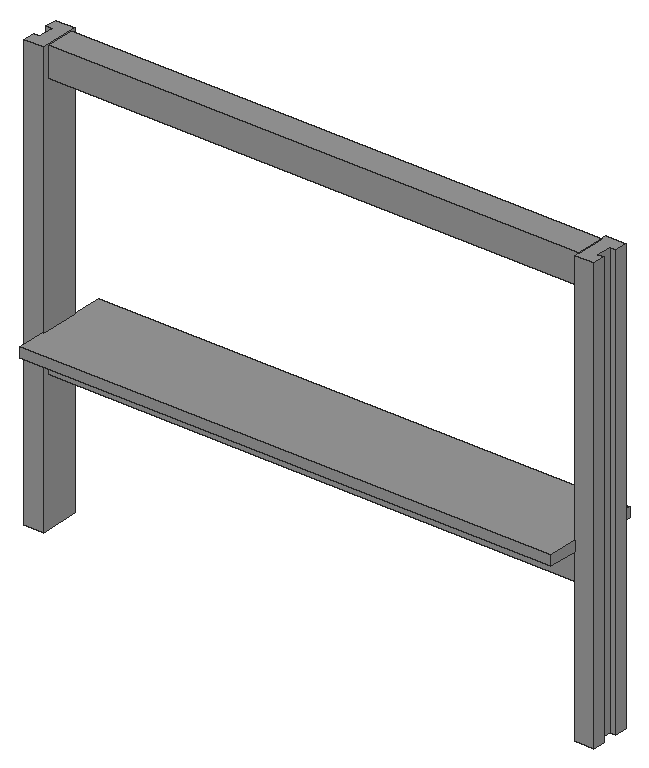
Revit family "GD10 1600-2400 Self - Copy", category Furniture, Revit 2016
Family settings
  OmniClass Number = 23.40.20.00
  OmniClass Title = General Furniture and Specialties
  Work Plane-Based = No
  Always vertical = Yes
  Cut with Voids When Loaded = No
  Shared = No
  Room Calculation Point = No
Parameters (values of type "1600 Shelf")
  Width = 1600 mm
  URL = "www.gof.co.uk"
  Range = "GD10"
  Product Code = "1600 Shelf"
  Manufacturer = "Gresham Office Furniture"  # constant formula
  Height = 742 mm
  Frame = Gresham - SOLID OAK
  Depth = 900 mm
  Assembly Code = "E2020200"
Types (6, lengths in mm): name | Width | Product Code
  (no name) | 1600 | "1600 Shelf"
  2000 Shelf | 2000 | "2000 Shelf"
  2400 Shelf | 2400 | "2400 Shelf"
  1600 Shelf | 1600 | "1600 Shelf"
  1800 Shelf | 1800 | "1800 Shelf"
  2200 Shelf | 2200 | "2200 Shelf"
Reference planes
  plane 1 "Center (Front/Back)": y = 0
  plane 2: z = 0
  plane 3 "Center (Left/Right)": x = 0
  plane 4: x = 800
  plane 5: x = -800
  plane 6: y = 450
  plane 7: y = -450
  plane 8 "Table Underside": z = 717
  plane 9 "Height": z = 742
  plane 10: z = 1847
  plane 11 "Shelf Height": z = 1197
Forms (mm)
  Extrusion 1, solid, material "Gresham - SOLID OAK" <- "Frame"
    sketch origin (1921.939, -1524, 742) x (0, -1, 0) y (-1, 0, 0)
      loop
        line (-1474, 2646.939) -> (-1505, 2646.939) -> (-1505, 2631.939) -> (-1543, 2631.939) -> (-1543, 2646.939) -> (-1574, 2646.939) -> (-1574, 2596.939) -> (-1474, 2596.939) -> (-1474, 2646.939)
      loop
        line (-1474, 1196.939) -> (-1474, 1246.939) -> (-1574, 1246.939) -> (-1574, 1196.939) -> (-1543, 1196.939) -> (-1543, 1211.939) -> (-1505, 1211.939) -> (-1505, 1196.939) -> (-1474, 1196.939)
    from 0 to -1105
  Extrusion 2, solid, material "Gresham - SOLID OAK" <- "Frame"
    sketch origin (0, 0, 0) x (0, 1, 0) y (0, 0, 1)
      loop
        line (125, 1197) -> (-125, 1197) -> (-125, 1172) -> (-37.5, 1172) -> (-37.5, 1097) -> (-27.5, 1097) -> (-27.5, 1122) -> (27.5, 1122) -> (27.5, 1097) -> (37.5, 1097) -> (37.5, 1172) -> (125, 1172) -> (125, 1197)
    from -675 to 675
  Extrusion 3, solid, material "Gresham - SOLID OAK" <- "Frame"
    sketch origin (0, 0, 590) x (0, 1, 0) y (0, 0, 1)
      loop
        line (-37.5, 1257) -> (-37.5, 1182) -> (-27.5, 1182) -> (-27.5, 1207) -> (27.5, 1207) -> (27.5, 1182) -> (37.5, 1182) -> (37.5, 1257) -> (-37.5, 1257)
    from -675 to 675
Dimensions and locks
  equal spacing: plane 5, plane 3 "Center (Left/Right)", plane 4
  "Width": plane 5 to plane 4
  equal spacing: plane 7, plane 1 "Center (Front/Back)", plane 6
  plane 7 to plane 6 = 900 mm
  "Height": plane 9 "Height" to level
  locked: plane 9 "Height" to plane 8 "Table Underside" at 25
  locked: Extrusion 1 sketch curve to Extrusion 1 sketch curve at 100  (x2)
  locked: Extrusion 1 sketch curve to Extrusion 1 sketch curve at 38  (x2)
  Extrusion 1 sketch curve to Extrusion 1 sketch curve = 100 mm  (x2)
  locked: plane 10 to plane 9 "Height" at 1105
  locked: Extrusion 1 to Extrusion 1 at 50  (x2)
  locked: Extrusion 1 to Extrusion 1 at 100
  locked: plane 5 to Extrusion 1 at 75
  locked: Extrusion 1 to plane 4 at 75
  locked: plane 11 "Shelf Height" to plane 9 "Height" at 455
  locked: Extrusion 2 to Extrusion 2 at 10  (x2)
  locked: Extrusion 2 to Extrusion 2 at 25  (x2)
  locked: Extrusion 2 to Extrusion 2 at 75
  locked: Extrusion 2 to Extrusion 2 at 250
  locked: Extrusion 2 to Extrusion 2 at 87.5  (x2)
  locked: Extrusion 3 to Extrusion 3 at 10  (x2)
  locked: Extrusion 3 to Extrusion 3 at 25
  locked: Extrusion 3 to Extrusion 3 at 75  (x2)
  locked: Extrusion 3 to Extrusion 3 at 50
  aligned and locked: level to plane 2
  aligned and locked: Extrusion 2 to Extrusion 1  (x2)
  aligned and locked: Extrusion 3 to plane 10
  aligned and locked: Extrusion 3 to Extrusion 1  (x2)
Automatic sketch dimensions
  Extrusion 1 sketch curve to plane 1 "Center (Front/Back)" = 19 mm  (x2)
  plane 5 to Extrusion 1 sketch curve = 75 mm
  Extrusion 1 sketch curve to Extrusion 1 sketch curve = 0 mm
  Extrusion 1 sketch curve to Extrusion 1 sketch curve = 15 mm  (x3)
  Extrusion 1 sketch curve to Extrusion 1 sketch curve = 35 mm  (x2)
  Extrusion 1 sketch curve to plane 4 = 125 mm
  Extrusion 2 sketch curve to plane 11 "Shelf Height" = 0 mm
  plane 1 "Center (Front/Back)" to Extrusion 2 sketch curve = 125 mm
  plane 1 "Center (Front/Back)" to Extrusion 2 sketch curve = 37.5 mm
  Extrusion 2 sketch curve to Extrusion 2 sketch curve = 10 mm  (x2)
  Extrusion 2 sketch curve to plane 1 "Center (Front/Back)" = 27.5 mm
  Extrusion 2 sketch curve to plane 11 "Shelf Height" = 25 mm  (x2)
  Extrusion 2 sketch curve to Extrusion 2 sketch curve = 87.5 mm
  Extrusion 2 sketch curve to Extrusion 2 sketch curve = 50 mm
  Extrusion 2 sketch curve to Extrusion 2 sketch curve = 25 mm  (x2)
  plane 1 "Center (Front/Back)" to Extrusion 3 sketch curve = 37.5 mm
  Extrusion 3 sketch curve to Extrusion 3 sketch curve = 10 mm  (x2)
  Extrusion 3 sketch curve to plane 1 "Center (Front/Back)" = 27.5 mm
  plane 10 to Extrusion 3 sketch curve = 75 mm
  Extrusion 3 sketch curve to Extrusion 3 sketch curve = 0 mm
  Extrusion 3 sketch curve to Extrusion 3 sketch curve = 25 mm
  Extrusion 3 sketch curve to Extrusion 3 sketch curve = 50 mm
